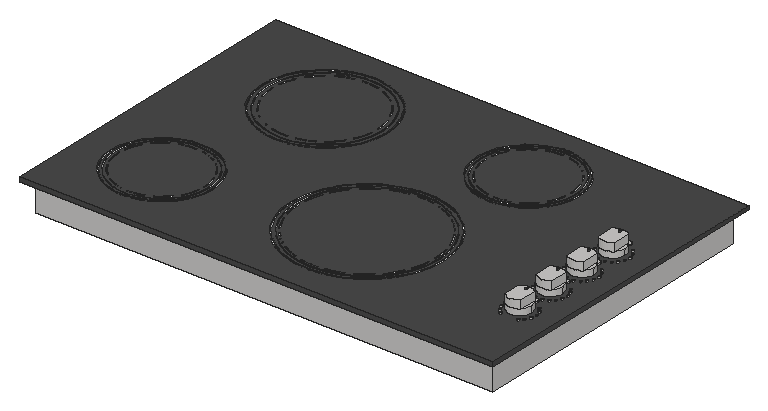
Revit family "QF_Summit_CR4B30MB_Electric Cooktop", category Specialty Equipment, Revit 2020 (continued)
Automatic sketch dimensions
  Extrusion 4 sketch curve to Extrusion 4 sketch curve = 0.3406"
  Extrusion 4 sketch curve to plane 11 = 2.26689"
  Extrusion 4 sketch curve to Extrusion 4 sketch curve = 0.02224"  (x2)
  Extrusion 4 sketch curve to plane 11 = 1.74025"
  Extrusion 4 sketch curve to plane 11 = 1.76931"
  Extrusion 4 sketch curve to plane 11 = 1.59483"
  Extrusion 4 sketch curve to Extrusion 4 sketch curve = 0.45016"
  Extrusion 4 sketch curve to plane 11 = 1.62523"
  Extrusion 4 sketch curve to Extrusion 4 sketch curve = 0.00724"
  Extrusion 4 sketch curve to plane 11 = 1.54398"
  Extrusion 4 sketch curve to plane 11 = 1.51282"
  Extrusion 4 sketch curve to plane 11 = 1.61592"
  Extrusion 4 sketch curve to Extrusion 4 sketch curve = 0.47751"
  Extrusion 4 sketch curve to plane 11 = 1.58543"
  Extrusion 4 sketch curve to Extrusion 4 sketch curve = 0.00686"
  Extrusion 4 sketch curve to plane 11 = 1.98322"
  Extrusion 4 sketch curve to plane 11 = 1.95615"
  Extrusion 4 sketch curve to plane 11 = 2.26002"
  Extrusion 4 sketch curve to Extrusion 4 sketch curve = 0.40762"
  Extrusion 4 sketch curve to plane 11 = 2.23777"
  Extrusion 4 sketch curve to plane 11 = 3.00883"
  Extrusion 4 sketch curve to plane 11 = 2.9913"
  Extrusion 4 sketch curve to plane 12 = 4.54303"
  Extrusion 4 sketch curve to plane 10 = 4.39214"
  Extrusion 4 sketch curve to Extrusion 4 sketch curve = 3 1/4"  (x2)
  Extrusion 4 sketch curve to Extrusion 4 sketch curve = 0.16832"  (x2)
  Extrusion 4 sketch curve to Extrusion 4 sketch curve = 0.62265"  (x2)
  Extrusion 4 sketch curve to Extrusion 4 sketch curve = 0.02693"  (x2)
  Extrusion 4 sketch curve to Extrusion 4 sketch curve = 0.28255"  (x2)
  Extrusion 4 sketch curve to Extrusion 4 sketch curve = 0.0308"  (x4)
  Extrusion 4 sketch curve to Extrusion 4 sketch curve = 1.40847"  (x2)
  Extrusion 4 sketch curve to Extrusion 4 sketch curve = 0.01586"  (x2)
  Extrusion 4 sketch curve to Extrusion 4 sketch curve = 0.41034"  (x2)
  Extrusion 4 sketch curve to Extrusion 4 sketch curve = 0.02935"  (x2)
  Extrusion 4 sketch curve to Extrusion 4 sketch curve = 0.24336"  (x2)
  Extrusion 4 sketch curve to Extrusion 4 sketch curve = 0.03564"  (x2)
  Extrusion 4 sketch curve to Extrusion 4 sketch curve = 0.97968"
  Extrusion 4 sketch curve to Extrusion 4 sketch curve = 0.01578"  (x2)
  Extrusion 4 sketch curve to Extrusion 4 sketch curve = 0.25346"
  Extrusion 4 sketch curve to Extrusion 4 sketch curve = 0.02404"
  Extrusion 4 sketch curve to Extrusion 4 sketch curve = 1.00376"
  Extrusion 4 sketch curve to Extrusion 4 sketch curve = 0.02698"
  Extrusion 4 sketch curve to Extrusion 4 sketch curve = 1.41554"
  Extrusion 4 sketch curve to Extrusion 4 sketch curve = 0.43746"  (x2)
  Extrusion 4 sketch curve to Extrusion 4 sketch curve = 0.01079"  (x2)
  Extrusion 4 sketch curve to Extrusion 4 sketch curve = 0.40649"
  Extrusion 4 sketch curve to plane 8 "Center X" = 2.83969"
  Extrusion 4 sketch curve to Extrusion 4 sketch curve = 1.3769"
  Extrusion 4 sketch curve to plane 8 "Center X" = 2.86663"
  Extrusion 4 sketch curve to Extrusion 4 sketch curve = 0.01584"  (x2)
  Extrusion 4 sketch curve to plane 8 "Center X" = 2.50235"
  Extrusion 4 sketch curve to plane 8 "Center X" = 2.53309"
  Extrusion 4 sketch curve to Extrusion 4 sketch curve = 1.02966"
  Extrusion 4 sketch curve to Extrusion 4 sketch curve = 0.02725"  (x2)
  Extrusion 4 sketch curve to plane 8 "Center X" = 3.09503"
  Extrusion 4 sketch curve to Extrusion 4 sketch curve = 0.37991"
  Extrusion 4 sketch curve to plane 8 "Center X" = 3.11723"
  Extrusion 4 sketch curve to Extrusion 4 sketch curve = 0.0222"  (x3)
  Extrusion 4 sketch curve to Extrusion 4 sketch curve = 0.21195"  (x2)
  Extrusion 4 sketch curve to plane 8 "Center X" = 4.30255"
  Extrusion 4 sketch curve to Extrusion 4 sketch curve = 0.22211"
  Extrusion 4 sketch curve to plane 8 "Center X" = 4.31302"
  Extrusion 4 sketch curve to Extrusion 4 sketch curve = 0.0089"
  Extrusion 4 sketch curve to plane 10 = 2.99021"
  Extrusion 4 sketch curve to Extrusion 4 sketch curve = 0.30898"
  Extrusion 4 sketch curve to plane 10 = 3.00599"
  Extrusion 4 sketch curve to Extrusion 4 sketch curve = 0.02697"  (x2)
  Extrusion 4 sketch curve to plane 10 = 2.60948"
  Extrusion 4 sketch curve to Extrusion 4 sketch curve = 0.24103"
  Extrusion 4 sketch curve to plane 10 = 2.63166"
  Extrusion 4 sketch curve to Extrusion 4 sketch curve = 0.02218"  (x5)
  Extrusion 4 sketch curve to plane 10 = 1.99054"
  Extrusion 4 sketch curve to plane 10 = 2.01757"
  Extrusion 4 sketch curve to plane 10 = 1.78935"
  Extrusion 4 sketch curve to Extrusion 4 sketch curve = 0.41133"
  Extrusion 4 sketch curve to plane 10 = 1.81865"
  Extrusion 4 sketch curve to Extrusion 4 sketch curve = 0.01087"  (x2)
  Extrusion 4 sketch curve to Extrusion 4 sketch curve = 0.94381"
  Extrusion 4 sketch curve to plane 10 = 1.67947"
  Extrusion 4 sketch curve to Extrusion 4 sketch curve = 0.42951"  (x2)
  Extrusion 4 sketch curve to plane 10 = 1.64859"
  Extrusion 4 sketch curve to Extrusion 4 sketch curve = 0.00477"  (x2)
  Extrusion 4 sketch curve to plane 10 = 2.03485"
  Extrusion 4 sketch curve to plane 10 = 2.00802"
  Extrusion 4 sketch curve to Extrusion 4 sketch curve = 0.33695"  (x2)
  Extrusion 4 sketch curve to Extrusion 4 sketch curve = 0.18281"  (x2)
  Extrusion 4 sketch curve to Extrusion 4 sketch curve = 0.02726"  (x2)
  Extrusion 4 sketch curve to Extrusion 4 sketch curve = 0.39788"  (x2)
  Extrusion 4 sketch curve to Extrusion 4 sketch curve = 0.01527"  (x2)
  plane 7 "Center Y" to Extrusion 4 sketch curve = 1.88358"
  Extrusion 4 sketch curve to plane 8 "Center X" = 3.73335"
  Extrusion 4 sketch curve to plane 7 "Center Y" = 2.99142"
  Extrusion 4 sketch curve to Extrusion 4 sketch curve = 0.20933"
  Extrusion 4 sketch curve to Extrusion 4 sketch curve = 0.47393"
  Extrusion 4 sketch curve to Extrusion 4 sketch curve = 0.02926"
  Extrusion 4 sketch curve to Extrusion 4 sketch curve = 0.22283"
  Extrusion 4 sketch curve to Extrusion 4 sketch curve = 0.03105"
  Extrusion 4 sketch curve to Extrusion 4 sketch curve = 1.54811"
  Extrusion 4 sketch curve to Extrusion 4 sketch curve = 0.01098"
  Extrusion 4 sketch curve to Extrusion 4 sketch curve = 0.32356"
  Extrusion 4 sketch curve to Extrusion 4 sketch curve = 0.03033"
  Extrusion 4 sketch curve to Extrusion 4 sketch curve = 0.19522"
  Extrusion 4 sketch curve to Extrusion 4 sketch curve = 0.02865"
  Extrusion 4 sketch curve to Extrusion 4 sketch curve = 0.61853"
  Extrusion 4 sketch curve to Extrusion 4 sketch curve = 0.02592"
  Extrusion 4 sketch curve to Extrusion 4 sketch curve = 0.13097"
  Extrusion 4 sketch curve to Extrusion 4 sketch curve = 0.0294"
  Extrusion 4 sketch curve to Extrusion 4 sketch curve = 0.4319"
  Extrusion 4 sketch curve to Extrusion 4 sketch curve = 0.0106"
  Extrusion 4 sketch curve to plane 7 "Center Y" = 0.67283"
  Extrusion 4 sketch curve to Extrusion 4 sketch curve = 0.01825"
  Extrusion 4 sketch curve to Extrusion 4 sketch curve = 0.28259"
  Extrusion 4 sketch curve to Extrusion 4 sketch curve = 0.37444"
  plane 7 "Center Y" to Extrusion 4 sketch curve = 0.68355"
  Extrusion 4 sketch curve to Extrusion 4 sketch curve = 0.00857"
  Extrusion 4 sketch curve to plane 7 "Center Y" = 0.28446"
  Extrusion 4 sketch curve to Extrusion 4 sketch curve = 0.01548"
  Extrusion 4 sketch curve to Extrusion 4 sketch curve = 0.24948"
  Extrusion 4 sketch curve to Extrusion 4 sketch curve = 0.02715"
  Extrusion 4 sketch curve to Extrusion 4 sketch curve = 1.51894"
  Extrusion 4 sketch curve to Extrusion 4 sketch curve = 0.43933"
  Extrusion 4 sketch curve to Extrusion 4 sketch curve = 0.00543"
  Extrusion 4 sketch curve to Extrusion 4 sketch curve = 0.10111"
  Extrusion 4 sketch curve to Extrusion 4 sketch curve = 0.03077"
  Extrusion 4 sketch curve to Extrusion 4 sketch curve = 1.46284"
  Extrusion 4 sketch curve to Extrusion 4 sketch curve = 0.01263"
  Extrusion 4 sketch curve to Extrusion 4 sketch curve = 0.44785"
  Extrusion 4 sketch curve to Extrusion 4 sketch curve = 0.00544"
  Extrusion 4 sketch curve to Extrusion 4 sketch curve = 0.36185"
  Extrusion 4 sketch curve to Extrusion 4 sketch curve = 0.02858"
  Extrusion 4 sketch curve to Extrusion 4 sketch curve = 1.26749"
  Extrusion 4 sketch curve to Extrusion 4 sketch curve = 0.0221"  (x2)
  Extrusion 4 sketch curve to Extrusion 4 sketch curve = 0.42571"
  Extrusion 4 sketch curve to Extrusion 4 sketch curve = 0.01556"
  Extrusion 4 sketch curve to Extrusion 4 sketch curve = 0.83014"
  Extrusion 4 sketch curve to Extrusion 4 sketch curve = 0.93886"
  Extrusion 4 sketch curve to Extrusion 4 sketch curve = 0.02803"
  Extrusion 4 sketch curve to plane 10 = 3.03767"
  Extrusion 4 sketch curve to Extrusion 4 sketch curve = 0.32279"
  Extrusion 4 sketch curve to plane 10 = 3.05984"
  Extrusion 4 sketch curve to Extrusion 4 sketch curve = 0.02217"
  Extrusion 4 sketch curve to Extrusion 4 sketch curve = 0.19363"
  Extrusion 4 sketch curve to Extrusion 4 sketch curve = 0.03104"
  Extrusion 4 sketch curve to plane 10 = 4.36841"
  Extrusion 4 sketch curve to Extrusion 4 sketch curve = 0.21114"
  Extrusion 4 sketch curve to plane 10 = 4.37921"
  Extrusion 4 sketch curve to Extrusion 4 sketch curve = 0.02932"
  Extrusion 4 sketch curve to Extrusion 4 sketch curve = 0.1639"
  Extrusion 4 sketch curve to plane 8 "Center X" = 2.72216"
  Extrusion 4 sketch curve to Extrusion 4 sketch curve = 0.08627"
  Extrusion 4 sketch curve to plane 8 "Center X" = 2.72933"
  Extrusion 4 sketch curve to plane 8 "Center X" = 2.24894"
  Extrusion 4 sketch curve to Extrusion 4 sketch curve = 0.10949"
  Extrusion 4 sketch curve to plane 8 "Center X" = 2.25946"
  Extrusion 4 sketch curve to Extrusion 4 sketch curve = 0.02942"
  Extrusion 4 sketch curve to plane 8 "Center X" = 1.28747"
  Extrusion 4 sketch curve to plane 8 "Center X" = 1.30481"
  Extrusion 4 sketch curve to plane 8 "Center X" = 0.92017"
  Extrusion 4 sketch curve to Extrusion 4 sketch curve = 0.24757"
  Extrusion 4 sketch curve to plane 8 "Center X" = 0.94012"
  Extrusion 4 sketch curve to Extrusion 4 sketch curve = 0.02406"
  Extrusion 4 sketch curve to plane 8 "Center X" = 0.16273"
  Extrusion 4 sketch curve to plane 8 "Center X" = 0.18511"
  plane 8 "Center X" to Extrusion 4 sketch curve = 0.06159"
  Extrusion 4 sketch curve to Extrusion 4 sketch curve = 0.31987"
  plane 8 "Center X" to Extrusion 4 sketch curve = 0.03468"
  Extrusion 4 sketch curve to Extrusion 4 sketch curve = 0.0159"
  plane 8 "Center X" to Extrusion 4 sketch curve = 0.49593"
  plane 8 "Center X" to Extrusion 4 sketch curve = 0.46595"
  plane 8 "Center X" to Extrusion 4 sketch curve = 0.60379"
  Extrusion 4 sketch curve to Extrusion 4 sketch curve = 0.44632"
  plane 8 "Center X" to Extrusion 4 sketch curve = 0.57304"
  Extrusion 4 sketch curve to Extrusion 4 sketch curve = 0.00558"
  plane 8 "Center X" to Extrusion 4 sketch curve = 0.63504"
  plane 8 "Center X" to Extrusion 4 sketch curve = 0.66623"
  Extrusion 4 sketch curve to Extrusion 4 sketch curve = 0.4638"
  Extrusion 4 sketch curve to Extrusion 4 sketch curve = 0.00525"
  plane 7 "Center Y" to Extrusion 4 sketch curve = 0.13255"
  Extrusion 4 sketch curve to Extrusion 4 sketch curve = 0.0125"
  Extrusion 4 sketch curve to Extrusion 4 sketch curve = 0.02291"
  Extrusion 4 sketch curve to Extrusion 4 sketch curve = 0.03081"
  plane 8 "Center X" to Extrusion 4 sketch curve = 0.05864"
  Extrusion 4 sketch curve to plane 7 "Center Y" = 0.30208"
  plane 8 "Center X" to Extrusion 4 sketch curve = 0.08571"
  Extrusion 4 sketch curve to Extrusion 4 sketch curve = 1/64"
  Extrusion 4 sketch curve to plane 8 "Center X" = 0.55957"
  Extrusion 4 sketch curve to plane 8 "Center X" = 0.53747"
  Extrusion 4 sketch curve to Extrusion 4 sketch curve = 0.3285"
  Extrusion 4 sketch curve to Extrusion 4 sketch curve = 0.02386"
  Extrusion 4 sketch curve to Extrusion 4 sketch curve = 0.17561"
  Extrusion 4 sketch curve to Extrusion 4 sketch curve = 0.02801"
  Extrusion 4 sketch curve to Extrusion 4 sketch curve = 0.34996"
  Extrusion 4 sketch curve to Extrusion 4 sketch curve = 0.02018"
  plane 7 "Center Y" to Extrusion 4 sketch curve = 4.66436"
  Extrusion 4 sketch curve to plane 11 = 3.9178"
  Extrusion 4 sketch curve to Extrusion 4 sketch curve = 0.83452"
  Extrusion 4 sketch curve to Extrusion 4 sketch curve = 1.32427"
  Extrusion 4 sketch curve to Extrusion 4 sketch curve = 0.01601"
  Extrusion 4 sketch curve to Extrusion 4 sketch curve = 0.23699"
  Extrusion 4 sketch curve to Extrusion 4 sketch curve = 0.02684"
  Extrusion 4 sketch curve to Extrusion 4 sketch curve = 1.38419"
  Extrusion 4 sketch curve to Extrusion 4 sketch curve = 0.13918"
  Extrusion 4 sketch curve to Extrusion 4 sketch curve = 0.0293"
  Extrusion 4 sketch curve to Extrusion 4 sketch curve = 1.17352"
  Extrusion 4 sketch curve to Extrusion 4 sketch curve = 0.43787"
  Extrusion 4 sketch curve to Extrusion 4 sketch curve = 0.01567"
  Extrusion 4 sketch curve to Extrusion 4 sketch curve = 0.81301"
  Extrusion 4 sketch curve to Extrusion 4 sketch curve = 0.2521"
  plane 8 "Center X" to Extrusion 4 sketch curve = 4.30527"
  Extrusion 4 sketch curve to Extrusion 4 sketch curve = 0.29019"
  plane 8 "Center X" to Extrusion 4 sketch curve = 4.32105"
  Extrusion 4 sketch curve to plane 11 = 2.98749"
  Extrusion 4 sketch curve to Extrusion 4 sketch curve = 0.1292"
  Extrusion 4 sketch curve to plane 11 = 2.99796"
  Extrusion 4 sketch curve to plane 11 = 2.55881"
  Extrusion 4 sketch curve to Extrusion 4 sketch curve = 0.16542"
  Extrusion 4 sketch curve to plane 11 = 2.57411"
  Extrusion 4 sketch curve to plane 11 = 1.77997"
  Extrusion 4 sketch curve to plane 11 = 1.80217"
  Extrusion 4 sketch curve to plane 11 = 1.52463"
  Extrusion 4 sketch curve to Extrusion 4 sketch curve = 0.34188"
  Extrusion 4 sketch curve to plane 11 = 1.55157"
  Extrusion 4 sketch curve to plane 11 = 1.18729"
  Extrusion 4 sketch curve to plane 11 = 1.21803"
  Extrusion 4 sketch curve to Extrusion 4 sketch curve = 0.46522"
  Extrusion 4 sketch curve to plane 11 = 1.34196"
  Extrusion 4 sketch curve to Extrusion 4 sketch curve = 0.97809"
  Extrusion 4 sketch curve to plane 11 = 1.31263"
  Extrusion 4 sketch curve to plane 11 = 1.5484"
  Extrusion 4 sketch curve to plane 11 = 1.52142"
  Extrusion 4 sketch curve to plane 11 = 2.16447"
  Extrusion 4 sketch curve to plane 11 = 2 37/256"
  Extrusion 11 sketch curve to Extrusion 3 = 0.51977"  (x4)
  Extrusion 11 sketch curve to Extrusion 11 sketch curve = 2 1/2"  (x3)
  Extrusion 6 sketch curve to plane 11 = 0.36025"
  Extrusion 6 sketch curve to plane 13 = 1.74986"
  curve 5 to curve 7 = 0"  (x2)
  curve 5 to curve 9 = 0"
  curve 5 to curve 11 = 0"
  curve 5 to curve 13 = 0"
  curve 5 to curve 15 = 0"
  curve 5 to curve 17 = 0"
  curve 5 to curve 19 = 0"
  curve 5 to curve 21 = 0"
  curve 5 to curve 23 = 0"
  curve 5 to curve 25 = 0"
  curve 5 to curve 27 = 0"
  curve 5 to curve 29 = 0"
  curve 5 to curve 31 = 0"
  curve 5 to curve 33 = 0"
  curve 5 to curve 35 = 0"
  curve 5 to curve 37 = 0"
  curve 5 to curve 39 = 0"
  curve 5 to curve 41 = 0"
  curve 5 to curve 43 = 0"
  curve 5 to curve 45 = 0"
  curve 5 to curve 47 = 0"
  curve 5 to curve 49 = 0"
  curve 5 to curve 51 = 0"
  curve 5 to curve 53 = 0"
  curve 5 to curve 55 = 0"
  curve 5 to curve 57 = 0"
  curve 5 to curve 59 = 0"
  curve 5 to curve 61 = 0"
  curve 5 to curve 63 = 0"
  curve 5 to curve 65 = 0"
  curve 5 to curve 67 = 0"
  curve 8 to curve 59 = 0"
  curve 9 to curve 11 = 0"
  curve 9 to curve 13 = 0"
  curve 9 to curve 17 = 0"
  curve 9 to curve 19 = 0"
  curve 9 to curve 21 = 0"
  curve 9 to curve 23 = 0"
  curve 9 to curve 25 = 0"
  curve 9 to curve 27 = 0"
  curve 9 to curve 29 = 0"
  curve 9 to curve 31 = 0"
  curve 9 to curve 33 = 0"
  curve 9 to curve 35 = 0"
  curve 9 to curve 37 = 0"
  curve 9 to curve 39 = 0"
  curve 9 to curve 41 = 0"
  curve 9 to curve 43 = 0"
  curve 9 to curve 45 = 0"
  curve 9 to curve 49 = 0"
  curve 9 to curve 51 = 0"
  curve 9 to curve 53 = 0"
  curve 9 to curve 55 = 0"
  curve 9 to curve 57 = 0"
  curve 9 to curve 59 = 0"
  curve 9 to curve 61 = 0"
  curve 9 to curve 63 = 0"
  curve 9 to curve 65 = 0"
  curve 9 to curve 67 = 0"
  curve 69 to curve 71 = 0"  (x2)
  curve 69 to curve 73 = 0"  (x2)
  curve 69 to curve 75 = 0"  (x2)
  curve 69 to curve 77 = 0"  (x2)
  curve 69 to curve 79 = 0"  (x2)
  curve 69 to curve 81 = 0"  (x2)
  curve 69 to curve 83 = 0"  (x2)
  curve 69 to curve 85 = 0"  (x2)
  curve 69 to curve 87 = 0"  (x2)
  curve 69 to curve 89 = 0"  (x2)
  curve 69 to curve 91 = 0"  (x2)
  curve 69 to curve 93 = 0"  (x2)
  curve 69 to curve 95 = 0"  (x2)
  curve 69 to curve 97 = 0"  (x2)
  curve 69 to curve 99 = 0"  (x2)
  curve 69 to curve 101 = 0"  (x2)
  curve 69 to curve 103 = 0"  (x2)
  curve 69 to curve 105 = 0"  (x2)
  curve 69 to curve 107 = 0"  (x2)
  curve 69 to curve 109 = 0"  (x2)
  curve 69 to curve 111 = 0"  (x2)
  curve 69 to curve 113 = 0"  (x2)
  curve 69 to curve 115 = 0"  (x2)
  curve 69 to curve 117 = 0"  (x2)
  curve 69 to curve 119 = 0"  (x2)
  curve 69 to curve 121 = 0"  (x2)
  curve 69 to curve 123 = 0"  (x2)
  curve 125 to curve 126 = 0"  (x2)
  curve 125 to curve 129 = 0"  (x2)
  curve 125 to curve 131 = 0"  (x2)
  curve 125 to curve 133 = 0"  (x2)
  curve 125 to curve 135 = 0"  (x2)
  curve 125 to curve 137 = 0"  (x2)
  curve 125 to curve 139 = 0"  (x2)
  curve 125 to curve 141 = 0"  (x2)
  curve 125 to curve 143 = 0"  (x2)
  curve 125 to curve 145 = 0"  (x2)
  curve 125 to curve 147 = 0"  (x2)
  curve 125 to curve 149 = 0"  (x2)
  curve 125 to curve 151 = 0"  (x2)
  curve 125 to curve 153 = 0"  (x2)
  curve 125 to curve 155 = 0"  (x2)
  curve 125 to curve 157 = 0"  (x2)
  curve 125 to curve 159 = 0"  (x2)
  curve 125 to curve 161 = 0"  (x2)
  curve 125 to curve 163 = 0"  (x2)
  curve 125 to curve 165 = 0"  (x2)
  curve 125 to curve 167 = 0"  (x2)
  curve 125 to curve 169 = 0"  (x2)
  curve 125 to curve 171 = 0"  (x2)
  curve 125 to curve 173 = 0"  (x2)
  curve 125 to curve 175 = 0"  (x2)
  curve 125 to curve 177 = 0"  (x2)
  curve 125 to curve 179 = 0"  (x2)
  curve 181 to curve 183 = 0"  (x2)
  curve 181 to curve 185 = 0"
  curve 181 to curve 187 = 0"
  curve 181 to curve 189 = 0"
  curve 181 to curve 191 = 0"
  curve 181 to curve 193 = 0"
  curve 181 to curve 195 = 0"
  curve 181 to curve 197 = 0"
  curve 181 to curve 199 = 0"
  curve 181 to curve 201 = 0"
  curve 181 to curve 203 = 0"
  curve 181 to curve 205 = 0"
  curve 181 to curve 207 = 0"
  curve 181 to curve 209 = 0"
  curve 181 to curve 211 = 0"
  curve 181 to curve 213 = 0"
  curve 181 to curve 215 = 0"
  curve 181 to curve 217 = 0"
  curve 181 to curve 219 = 0"
  curve 181 to curve 221 = 0"
  curve 181 to curve 223 = 0"
  curve 181 to curve 225 = 0"
  curve 181 to curve 227 = 0"
  curve 181 to curve 229 = 0"
  curve 181 to curve 231 = 0"
  curve 181 to curve 233 = 0"
  curve 181 to curve 235 = 0"
  curve 181 to curve 237 = 0"
  curve 181 to curve 239 = 0"
  curve 181 to curve 241 = 0"
  curve 181 to curve 243 = 0"
  curve 181 to curve 245 = 0"
  curve 181 to curve 247 = 0"
  curve 181 to curve 249 = 0"
  curve 184 to curve 257 = 0"
  curve 185 to curve 187 = 0"
  curve 185 to curve 189 = 0"
  curve 185 to curve 191 = 0"
  curve 185 to curve 193 = 0"
  curve 185 to curve 195 = 0"
  curve 185 to curve 197 = 0"
  curve 185 to curve 199 = 0"
  curve 185 to curve 201 = 0"
  curve 185 to curve 203 = 0"
  curve 185 to curve 205 = 0"
  curve 185 to curve 207 = 0"
  curve 185 to curve 209 = 0"
  curve 185 to curve 211 = 0"
  curve 185 to curve 213 = 0"
  curve 185 to curve 215 = 0"
  curve 185 to curve 217 = 0"
  curve 185 to curve 219 = 0"
  curve 185 to curve 221 = 0"
  curve 185 to curve 223 = 0"
  curve 185 to curve 225 = 0"
  curve 185 to curve 227 = 0"
  curve 185 to curve 229 = 0"
  curve 185 to curve 231 = 0"
  curve 185 to curve 233 = 0"
  curve 185 to curve 235 = 0"
  curve 235 to curve 259 = 0"
  curve 237 to curve 259 = 0"
  curve 239 to curve 259 = 0"
  curve 241 to curve 259 = 0"
  curve 243 to curve 259 = 0"
  curve 245 to curve 259 = 0"
  curve 247 to curve 259 = 0"
  curve 249 to curve 259 = 0"  (x2)
  curve 251 to curve 259 = 0"  (x2)
  curve 253 to curve 259 = 0"  (x2)
  curve 255 to curve 259 = 0"  (x2)
  curve 257 to curve 259 = 0"  (x2)
  curve 289 to curve 291 = 0"
  curve 1 to plane 3 "LEFT" = 0"
  curve 3 to plane 4 "RIGHT" = 0"
  plane 5 "FRONT" to curve 1 = 0"
  plane 1 "BACK" to curve 2 = 0"
  curve 174 to plane 12 = 1.7672"
  curve 175 to curve 174 = 1/32"
  curve 174 to curve 180 = 0.00839"
  curve 179 to curve 180 = 0.0308"
  curve 173 to curve 176 = 0.13763"
  curve 176 to curve 176 = 0.02935"
  curve 173 to curve 172 = 0.15555"
  curve 169 to curve 172 = 0.02726"
  curve 177 to curve 178 = 0.31317"
  curve 179 to curve 178 = 0.02693"
  curve 177 to curve 136 = 0.22941"
  curve 135 to curve 136 = 0.02404"
  curve 170 to plane 10 = 2.24964"
  curve 171 to curve 170 = 0.62951"
  curve 170 to curve 170 = 0.0222"  (x2)
  curve 171 to curve 168 = 0.32095"
  curve 165 to curve 168 = 0.01601"
  curve 136 to curve 134 = 0.71045"
  curve 135 to curve 134 = 0.01578"
  curve 133 to curve 140 = 0.42666"
  curve 139 to curve 140 = 0.01079"
  curve 48 to plane 12 = 3.64201"
  curve 48 to curve 48 = 1/32"
  curve 48 to curve 50 = 0.01086"
  curve 50 to curve 50 = 0.03086"
  curve 47 to curve 46 = 0.11278"
  curve 45 to curve 46 = 0.02992"
  curve 47 to curve 44 = 0.1553"
  curve 52 to plane 11 = 3.41557"
  curve 50 to curve 52 = 0.26611"
  curve 41 to curve 44 = 0.02822"
  curve 52 to plane 11 = 3.42919"
  curve 49 to curve 52 = 0.02813"
  curve 166 to plane 10 = 1.64859"
  curve 167 to curve 166 = 0.98255"
  curve 166 to plane 10 = 1.67947"
  curve 165 to curve 166 = 0.00477"
  curve 52 to curve 54 = 0.21666"
  curve 53 to curve 54 = 0.02587"
  plane 8 "Center X" to curve 42 = 2.44094"
  curve 43 to curve 42 = 0.53294"
  curve 171 to curve 139 = 1.74307"
  curve 167 to curve 164 = 0.42951"
  plane 8 "Center X" to curve 42 = 2.46306"
  curve 41 to curve 42 = 0.02212"
  curve 140 to curve 138 = 0.97809"
  curve 41 to curve 40 = 0.36412"
  curve 37 to curve 40 = 0.02222"
  curve 56 to plane 11 = 2.23777"
  curve 54 to curve 56 = 0.67288"
  curve 56 to plane 11 = 2.26002"
  curve 53 to curve 56 = 0.02224"
  curve 144 to plane 8 "Center X" = 2.53309"
  curve 138 to curve 144 = 0.46522"
  curve 144 to plane 8 "Center X" = 2.50235"
  curve 144 to curve 144 = 0.00564"
  curve 58 to plane 11 = 1.95615"
  curve 56 to curve 58 = 0.39201"
  curve 58 to plane 11 = 1.98322"
  curve 57 to curve 58 = 1/64"
  curve 162 to plane 10 = 1.81865"
  curve 163 to curve 162 = 0.94381"
  curve 162 to plane 10 = 1.78935"
  curve 163 to curve 162 = 0.01087"
  plane 8 "Center X" to curve 38 = 1.57348"
  curve 39 to curve 38 = 0.87861"
  plane 8 "Center X" to curve 38 = 1.60258"
  curve 38 to curve 38 = 0.01139"
  curve 160 to plane 10 = 2.01757"
  curve 163 to curve 160 = 0.4222"
  curve 142 to plane 8 "Center X" = 2.86663"
  curve 144 to curve 142 = 0.89585"
  curve 160 to plane 10 = 1.99054"
  curve 160 to curve 160 = 0.01567"
  curve 142 to plane 8 "Center X" = 2.83969"
  plane 8 "Center X" to curve 36 = 1.42501"
  curve 39 to curve 36 = 0.47118"
  plane 8 "Center X" to curve 36 = 1.45548"
  curve 33 to curve 36 = 0.00694"
  curve 60 to plane 11 = 1.58543"
  curve 58 to curve 60 = 0.93371"
  curve 148 to plane 8 "Center X" = 3.11723"
  curve 142 to curve 148 = 0.35772"
  curve 60 to plane 11 = 1.61592"
  curve 148 to plane 8 "Center X" = 3.09503"
  curve 148 to curve 148 = 0.0222"
  curve 158 to plane 10 = 2.63166"
  curve 158 to plane 10 = 2.60948"
  curve 62 to plane 11 = 1.51282"
  curve 59 to curve 62 = 0.47508"
  curve 62 to plane 11 = 1.54398"
  curve 61 to curve 62 = 0.00242"
  curve 156 to plane 10 = 3.00599"
  curve 159 to curve 156 = 0.26321"
  curve 146 to plane 8 "Center X" = 3.88918"
  curve 156 to plane 10 = 2.99021"
  curve 155 to curve 156 = 0.02697"
  curve 146 to plane 8 "Center X" = 3.87388"
  curve 38 to curve 51 = 1.22429"
  curve 145 to curve 150 = 0.19267"
  curve 151 to curve 150 = 0.02944"
  curve 154 to plane 10 = 3.92657"
  curve 154 to plane 10 = 3.92127"
  curve 155 to curve 152 = 0.0397"
  curve 151 to curve 152 = 1/32"
  plane 8 "Center X" to curve 34 = 1.38451"
  plane 8 "Center X" to curve 34 = 1.35338"
  plane 8 "Center X" to curve 32 = 1.45767"
  curve 35 to curve 32 = 0.46116"
  plane 8 "Center X" to curve 32 = 1.42722"
  curve 31 to curve 32 = 0.00703"
  curve 64 to plane 11 = 1.62523"
  curve 64 to plane 11 = 1.59483"
  curve 66 to plane 11 = 1.76931"
  curve 63 to curve 66 = 0.4574"
  curve 66 to plane 11 = 1.74025"
  curve 67 to curve 66 = 0.01149"
  plane 8 "Center X" to curve 30 = 1.84659"
  plane 8 "Center X" to curve 30 = 1.81976"
  curve 68 to plane 11 = 2.26689"
  plane 8 "Center X" to curve 28 = 2.11342"
  curve 31 to curve 28 = 0.38355"
  curve 68 to plane 11 = 2.24465"
  plane 8 "Center X" to curve 28 = 2.08907"
  curve 27 to curve 28 = 0.01959"
  curve 65 to curve 18 = 0.3406"
  curve 19 to curve 18 = 0.02211"
  plane 8 "Center X" to curve 26 = 2.86285"
  plane 8 "Center X" to curve 26 = 2.84547"
  curve 27 to curve 24 = 0.23176"
  curve 19 to curve 20 = 0.57939"
  curve 23 to curve 24 = 0.02813"
  curve 19 to curve 20 = 0.02825"
  curve 19 to curve 14 = 0.16601"
  curve 15 to curve 14 = 0.02979"
  curve 23 to curve 22 = 0.30381"
  curve 23 to curve 22 = 0.03095"
  curve 23 to curve 16 = 0.03194"
  curve 15 to curve 16 = 1/32"
  curve 260 to plane 7 "Center Y" = 2.52437"
  curve 257 to curve 192 = 0.02781"
  curve 260 to curve 260 = 1/32"
  curve 192 to curve 192 = 0.03105"
  curve 259 to curve 258 = 0.09801"
  curve 258 to curve 258 = 0.03033"
  curve 259 to curve 256 = 13/128"
  curve 192 to curve 190 = 0.22183"
  curve 256 to curve 256 = 0.0294"
  curve 190 to curve 190 = 0.02926"
  curve 190 to curve 196 = 0.1476"
  curve 196 to curve 196 = 0.02801"
  curve 255 to curve 254 = 0.46165"
  curve 254 to curve 254 = 0.02592"
  curve 255 to curve 252 = 0.26041"
  curve 194 to plane 8 "Center X" = 0.88742"
  curve 196 to curve 194 = 0.55615"
  curve 249 to curve 252 = 0.02218"
  curve 194 to plane 8 "Center X" = 0.9076"
  curve 195 to curve 194 = 0.02386"
  curve 200 to plane 8 "Center X" = 0.53747"
  curve 193 to curve 200 = 0.30639"
  curve 200 to plane 8 "Center X" = 0.55957"
  curve 200 to curve 200 = 0.0221"
  curve 250 to plane 7 "Center Y" = 0.69109"
  curve 250 to curve 250 = 0.01825"
  plane 8 "Center X" to curve 198 = 0.08571"
  curve 198 to plane 7 "Center Y" = 0.31769"
  plane 8 "Center X" to curve 198 = 0.05864"
  curve 248 to plane 7 "Center Y" = 0.29994"
  curve 245 to curve 248 = 0.01548"
  plane 7 "Center Y" to curve 204 = 0.12004"
  curve 203 to curve 204 = 0.0125"
  plane 7 "Center Y" to curve 246 = 0.67498"
  curve 246 to curve 246 = 0.00857"
  curve 247 to curve 244 = 0.4339"
  curve 244 to curve 244 = 0.00543"
  plane 8 "Center X" to curve 202 = 0.61213"
  curve 204 to curve 202 = 1.01102"
  plane 8 "Center X" to curve 202 = 0.58132"
  curve 203 to curve 202 = 0.00525"
  plane 8 "Center X" to curve 208 = 0.66623"
  curve 202 to curve 208 = 0.46186"
  plane 8 "Center X" to curve 208 = 0.63504"
  curve 207 to curve 208 = 0.00193"
  plane 7 "Center Y" to curve 225 = 1.88358"
  plane 7 "Center Y" to curve 84 = 1.88854"
  curve 81 to curve 84 = 1/32"
  curve 84 to curve 78 = 0.00839"
  curve 77 to curve 78 = 0.0308"
  curve 83 to curve 82 = 0.13763"
  curve 82 to curve 82 = 0.02935"
  curve 243 to curve 242 = 1.07961"
  curve 83 to curve 88 = 0.15555"
  curve 85 to curve 88 = 0.02726"
  curve 78 to curve 80 = 0.31317"
  curve 77 to curve 80 = 0.02693"
  curve 80 to curve 124 = 0.22941"
  curve 123 to curve 124 = 0.02404"
  curve 243 to curve 240 = 0.44241"
  curve 239 to curve 240 = 0.00544"
  plane 8 "Center X" to curve 206 = 0.57304"
  plane 8 "Center X" to curve 206 = 0.60379"
  curve 87 to curve 86 = 0.62951"
  curve 86 to curve 86 = 0.0222"  (x2)
  plane 8 "Center X" to curve 212 = 0.46595"
  curve 206 to curve 212 = 0.4519"
  plane 8 "Center X" to curve 212 = 0.49593"
  curve 212 to curve 212 = 0.00881"
  curve 87 to curve 92 = 0.32095"
  curve 89 to curve 92 = 0.01601"
  curve 122 to plane 11 = 1.52142"
  curve 124 to curve 122 = 0.71045"
  curve 122 to plane 11 = 1.5484"
  curve 123 to curve 122 = 0.01578"
  curve 239 to curve 238 = 1 1/128"
  curve 239 to curve 238 = 0.01263"
  curve 120 to plane 11 = 1.31263"
  curve 122 to curve 120 = 0.42666"
  curve 120 to plane 11 = 1.34196"
  curve 119 to curve 120 = 0.01079"
  curve 239 to curve 236 = 105/256"
  curve 236 to curve 236 = 0.01556"
  plane 8 "Center X" to curve 210 = 0.03468"
  plane 8 "Center X" to curve 210 = 0.06159"
  curve 91 to curve 90 = 0.98255"
  curve 89 to curve 90 = 0.00477"
  curve 216 to plane 8 "Center X" = 0.18511"
  curve 209 to curve 216 = 0.33577"
  curve 216 to plane 8 "Center X" = 0.16273"
  curve 213 to curve 216 = 0.02238"
  curve 92 to curve 123 = 1.40611"
  curve 91 to curve 96 = 0.42951"
  curve 120 to curve 118 = 0.97809"
  curve 235 to curve 234 = 0.83524"
  curve 234 to curve 234 = 0.0221"
  curve 114 to plane 11 = 1.21803"
  curve 118 to curve 114 = 0.46522"
  curve 114 to plane 11 = 1.18729"
  curve 114 to curve 114 = 0.00564"
  curve 235 to curve 232 = 0.32273"
  curve 232 to curve 232 = 0.02217"
  curve 214 to plane 8 "Center X" = 0.94012"
  curve 214 to plane 8 "Center X" = 0.92017"
  curve 220 to plane 8 "Center X" = 1.30481"
  curve 214 to curve 220 = 0.27163"
  curve 220 to plane 8 "Center X" = 1.28747"
  curve 217 to curve 220 = 0.026"
  plane 8 "Center X" to curve 94 = 3.13372"
  curve 95 to curve 94 = 0.94381"
  curve 95 to curve 94 = 0.01087"
  curve 231 to curve 230 = 0.58811"
  curve 230 to curve 230 = 0.02803"
  curve 231 to curve 226 = 0.18182"
  curve 218 to plane 8 "Center X" = 2.25946"
  curve 226 to curve 226 = 0.02932"
  curve 218 to plane 8 "Center X" = 2.24894"
  plane 8 "Center X" to curve 100 = 3.33263"
  curve 95 to curve 100 = 0.4222"
  curve 116 to plane 11 = 1.55157"
  curve 114 to curve 116 = 0.89585"
  curve 99 to curve 100 = 0.01567"
  curve 116 to plane 11 = 1.52463"
  curve 224 to plane 8 "Center X" = 2.72933"
  curve 218 to curve 224 = 0.13892"
  curve 224 to plane 8 "Center X" = 2.72216"
  curve 224 to curve 224 = 0.03042"
  curve 228 to plane 8 "Center X" = 4.24106"
  curve 225 to curve 228 = 0.24008"
  curve 225 to curve 222 = 0.02952"
  curve 228 to plane 8 "Center X" = 4.24469"
  curve 228 to curve 228 = 0.03104"
  curve 110 to plane 11 = 1.80217"
  curve 115 to curve 110 = 0.35772"
  curve 110 to plane 11 = 1.77997"
  curve 110 to curve 110 = 0.0222"
  plane 8 "Center X" to curve 98 = 3.94672"
  curve 99 to curve 98 = 0.02218"
  curve 99 to curve 104 = 0.26321"
  curve 112 to plane 11 = 2.57411"
  curve 103 to curve 104 = 0.02697"
  curve 112 to plane 11 = 2.55881"
  curve 106 to plane 11 = 2.99796"
  curve 111 to curve 106 = 0.19267"
  curve 106 to plane 11 = 2.98749"
  curve 107 to curve 106 = 0.02944"
  curve 102 to plane 11 = 4.38337"
  curve 103 to curve 102 = 43/128"
  curve 102 to plane 11 = 4.38867"
  curve 103 to curve 102 = 0.0308"
  curve 103 to curve 108 = 0.0397"
  curve 338 to plane 13 = 2.76507"
  curve 371 to curve 337 = 0"
  curve 266 to plane 13 = 2.76507"
  curve 304 to plane 8 "Center X" = 0.147"
  curve 304 to curve 265 = 0"
  curve 303 to curve 306 = 0.05938"
  curve 265 to curve 268 = 0.05938"
  curve 337 to curve 339 = 0.05938"
  curve 371 to curve 373 = 0.05938"
  curve 265 to curve 264 = 0.13105"
  curve 371 to curve 369 = 0.13105"
  curve 337 to curve 336 = 0.13105"
  curve 303 to curve 302 = 0.13105"
  curve 339 to curve 342 = 0.16469"
  curve 373 to curve 375 = 0.16469"
  curve 305 to curve 308 = 0.16469"
  curve 267 to curve 269 = 0.16469"
  curve 335 to curve 333 = 0.20819"
  curve 369 to curve 367 = 0.20819"
  curve 301 to curve 299 = 0.20819"
  curve 263 to curve 262 = 0.20819"
  curve 341 to curve 343 = 0.22031"
  curve 307 to curve 310 = 0.22031"
  curve 269 to curve 271 = 0.22031"
  curve 375 to curve 378 = 0.22031"
  curve 269 to curve 290 = 0.27137"
  curve 309 to curve 311 = 0.33903"
  curve 343 to curve 346 = 0.33903"
  curve 271 to curve 274 = 0.33903"
  curve 339 to curve 363 = 0.95584"
  curve 290 to curve 291 = 0.51977"
  curve 362 to curve 363 = 0"
  plane 8 "Center X" to curve 327 = 0.29941"
  curve 299 to curve 327 = 0.67597"
  curve 273 to curve 298 = 0.2318"
  curve 367 to curve 391 = 0.67597"
  curve 393 to curve 391 = 0"
  curve 329 to curve 327 = 0"
  curve 261 to curve 296 = 0.67597"
  curve 290 to curve 294 = 0.51977"
  curve 345 to curve 348 = 0.4636"
  curve 297 to curve 276 = 0.2318"
  curve 311 to curve 313 = 0.4636"
  curve 275 to curve 292 = 0.28797"
  curve 313 to curve 315 = 0.33903"
  curve 292 to curve 277 = 0.05106"
  curve 347 to curve 350 = 0.33903"
  curve 391 to curve 390 = 0.67597"
  curve 327 to curve 326 = 0.67597"
  curve 361 to curve 359 = 0.67597"
  curve 292 to curve 287 = 0.1562"
  curve 349 to curve 351 = 0.22031"
  curve 379 to curve 382 = 0.22031"  (x2)
  curve 315 to curve 318 = 0.22031"  (x2)
  curve 292 to curve 280 = 0.27137"
  curve 325 to curve 324 = 0.20819"
  curve 389 to curve 388 = 0.20819"
  curve 287 to curve 286 = 0.20819"
  curve 359 to curve 357 = 0.20819"
  curve 381 to curve 383 = 0.16469"
  curve 279 to curve 282 = 0.16469"
  curve 317 to curve 320 = 0.16469"
  curve 351 to curve 353 = 0.16469"
  curve 383 to curve 386 = 0.05938"
  curve 321 to plane 8 "Center X" = 0.147"
  curve 319 to curve 321 = 0.05938"
  curve 353 to curve 355 = 0.05938"
  curve 281 to curve 284 = 0.05938"
  curve 242 to plane 10 = 1.49516"
  curve 242 to curve 242 = 0.03133"
  curve 243 to curve 240 = 0.02432"
  curve 240 to curve 240 = 0.03077"
  curve 244 to curve 246 = 0.07106"
  curve 246 to curve 246 = 0.03005"
  curve 239 to curve 236 = 0.18054"
  curve 233 to curve 236 = 0.0271"
  curve 248 to curve 250 = 0.22411"
  curve 250 to curve 250 = 0.02537"
  curve 233 to curve 232 = 0.3413"
  curve 229 to curve 232 = 0.02217"
  curve 252 to curve 254 = 0.35698"
  curve 172 to curve 176 = 0.38714"
  curve 254 to curve 254 = 0.01746"
  curve 377 to curve 375 = 0.22031"
  curve 376 to curve 373 = 0.33767"
  curve 381 to curve 384 = 0.33767"
  curve 373 to curve 393 = 0.26661"
  curve 152 to curve 131 = 0.02021"
  curve 394 to curve 372 = 0.10828"
  curve 393 to curve 385 = 0.10828"
  curve 256 to curve 258 = 0.42438"
  curve 386 to curve 387 = 0.36499"
  curve 371 to curve 370 = 0.36499"
  curve 174 to curve 180 = 0.42791"
  curve 180 to curve 180 = 0.00528"
  curve 393 to curve 392 = 71/128"
  curve 388 to curve 390 = 0.26373"
  curve 369 to curve 368 = 0.26373"
  curve 367 to curve 345 = 0.79327"
  curve 345 to curve 348 = 0"
  curve 347 to curve 349 = 0.14514"
  curve 346 to curve 343 = 0.14514"
  curve 177 to curve 136 = 0.36071"
  curve 136 to curve 136 = 0.01996"
  curve 344 to curve 341 = 0.22031"
  curve 349 to curve 352 = 0.22031"
  curve 260 to curve 192 = 0.46305"
  curve 189 to curve 192 = 0.00351"
  curve 342 to curve 340 = 0.33767"
  curve 351 to curve 353 = 0.33767"
  curve 339 to curve 364 = 0.26661"
  curve 133 to curve 140 = 0.20644"
  curve 364 to curve 337 = 0.10828"
  curve 363 to curve 355 = 0.10828"
  curve 137 to curve 140 = 0.02933"
  curve 337 to curve 336 = 0.36499"
  curve 356 to curve 358 = 0.36499"
  curve 363 to curve 361 = 71/128"
  curve 358 to curve 359 = 0.26373"
  curve 335 to curve 333 = 0.26373"
  curve 333 to curve 312 = 0.79327"
  curve 311 to curve 313 = 0"
  curve 312 to curve 310 = 0.14514"
  curve 313 to curve 316 = 0.14514"
  curve 310 to curve 308 = 0.22031"
  curve 317 to curve 319 = 0.33767"
  curve 308 to curve 305 = 0.33767"
  curve 330 to plane 8 "Center X" = 0.25528"
  plane 8 "Center X" to curve 301 = 0.21798"
  plane 8 "Center X" to curve 324 = 0.21798"
  curve 324 to curve 325 = 0.26373"
  curve 301 to curve 299 = 0.26373"
  curve 327 to curve 298 = 0.66571"
  curve 298 to curve 274 = 0.30986"
  curve 297 to curve 275 = 0.30986"
  curve 275 to curve 278 = 0.14514"
  curve 274 to curve 272 = 0.14514"
  curve 272 to curve 270 = 0.22031"
  curve 277 to curve 279 = 0.22031"
  curve 280 to curve 292 = 0.0636"
  curve 269 to curve 267 = 0.33767"
  curve 279 to curve 281 = 0.33767"
  curve 292 to curve 289 = 0.54068"
  curve 268 to curve 266 = 0.37489"
  curve 281 to curve 284 = 0.37489"
  curve 285 to curve 292 = 0.06742"
  curve 263 to curve 290 = 0.06742"
  curve 292 to curve 293 = 0.014"
  curve 96 to curve 95 = 1/32"
  curve 96 to curve 90 = 0.00123"
  curve 292 to curve 288 = 0.19631"
  curve 290 to curve 261 = 0.19631"
  curve 89 to curve 90 = 0.03088"
  curve 27 to curve 24 = 0.39087"
  curve 24 to curve 24 = 0.01362"
  curve 100 to curve 99 = 0.02703"
  curve 293 to curve 295 = 0.66571"
  curve 92 to curve 86 = 0.21479"
  curve 88 to curve 82 = 0.38714"
  curve 15 to curve 20 = 0.42266"
  curve 84 to curve 78 = 0.42791"
  curve 79 to curve 78 = 0.00528"
  curve 19 to curve 20 = 0.01336"
  curve 126 to curve 174 = 0.47418"
  curve 126 to curve 125 = 1/16"
  curve 125 to curve 129 = 0.16832"
  curve 129 to curve 131 = 1/32"
  curve 5 to curve 45 = 0.60897"
  curve 5 to curve 7 = 1/16"
  curve 7 to curve 9 = 0.2497"
  curve 9 to curve 11 = 1/32"
  curve 182 to curve 257 = 0.46705"
  curve 181 to curve 183 = 1/16"
  curve 185 to curve 257 = 0.19522"
  curve 185 to curve 187 = 1/32"
  curve 70 to curve 84 = 0.47418"
  curve 69 to curve 72 = 1/16"
  curve 71 to curve 74 = 0.16832"
  curve 73 to curve 75 = 1/32"
  curve 265 to curve 265 = 0.06351"
  curve 303 to curve 303 = 0.06351"
  curve 338 to curve 337 = 0.06351"
  curve 372 to curve 371 = 0.06351"
  curve 305 to curve 305 = 0.06351"
  curve 339 to curve 339 = 0.06351"
  curve 268 to curve 267 = 0.06351"
  curve 373 to curve 373 = 0.06351"
  curve 336 to curve 335 = 0.06351"
  curve 369 to curve 369 = 0.06351"
  curve 301 to curve 301 = 0.06351"
  curve 263 to curve 263 = 0.06351"
  curve 307 to curve 307 = 0.06351"
  curve 376 to curve 375 = 0.06351"
  curve 269 to curve 269 = 0.06351"
  curve 341 to curve 341 = 0.06351"
  curve 371 to curve 393 = 0.2017"
  curve 303 to curve 329 = 0.2017"
  curve 337 to curve 363 = 0.2017"
  curve 265 to curve 291 = 0.2028"
  curve 300 to curve 299 = 0.06351"
  curve 333 to curve 333 = 0.06351"
  curve 367 to curve 367 = 0.06351"
  curve 262 to curve 261 = 0.06351"
  curve 343 to curve 343 = 0.06351"
  curve 309 to curve 309 = 0.06351"
  curve 377 to curve 377 = 0.06351"
  curve 271 to curve 271 = 0.06351"
  curve 333 to curve 366 = 0.09269"
  curve 299 to curve 332 = 0.09269"
  curve 375 to curve 396 = 0.20786"
  curve 346 to curve 345 = 0.06351"
  curve 311 to curve 311 = 0.06351"
  curve 273 to curve 273 = 0.06351"
  curve 298 to curve 297 = 0.18787"
  curve 295 to curve 295 = 0.18787"
  curve 391 to curve 391 = 0.06351"
  curve 361 to curve 361 = 0.06351"
  curve 327 to curve 327 = 0.06351"
  curve 293 to curve 293 = 0.06351"
  curve 313 to curve 313 = 0.06351"
  curve 347 to curve 347 = 0.06351"
  curve 275 to curve 275 = 0.06351"
  curve 379 to curve 379 = 0.06351"
  curve 350 to curve 349 = 0.06351"
  curve 315 to curve 315 = 0.06351"
  curve 278 to curve 277 = 0.06351"
  curve 365 to curve 359 = 0.1562"
  curve 395 to curve 389 = 0.1562"
  curve 331 to curve 317 = 0.27137"
  curve 359 to curve 359 = 0.06351"
  curve 326 to curve 325 = 0.06351"
  curve 390 to curve 389 = 0.06351"
  curve 287 to curve 287 = 0.06351"
  curve 318 to curve 317 = 0.06351"
  curve 352 to curve 351 = 0.06351"
  curve 381 to curve 381 = 0.06351"
  curve 279 to curve 279 = 0.06351"
  curve 291 to curve 283 = 0.26667"
  curve 358 to curve 357 = 0.06351"
  curve 286 to curve 285 = 0.06351"
  curve 323 to curve 323 = 0.06351"
  curve 388 to curve 387 = 0.06351"
  curve 319 to curve 319 = 0.06351"
  curve 383 to curve 383 = 0.06351"
  curve 353 to curve 353 = 0.06351"
  curve 281 to curve 281 = 0.06351"
  curve 283 to curve 283 = 0.06351"
  curve 355 to curve 355 = 0.06351"
  curve 322 to curve 321 = 0.06351"
  curve 385 to curve 385 = 0.06351"
  curve 395 to curve 379 = 0.05106"
  curve 378 to plane 10 = 3.54512"
  curve 379 to curve 395 = 0.28391"
  curve 398 to curve 313 = 0.16829"
  curve 397 to curve 313 = 0.30986"
  curve 397 to curve 397 = 0.18787"
  curve 399 to curve 400 = 0"  (x2)
  curve 345 to curve 400 = 0.16829"
  curve 399 to curve 345 = 0.30986"
  curve 400 to curve 399 = 0.18787"
  radius of Extrusion 1 sketch curve = 4"
  radius of Extrusion 1 sketch curve = 3 15/16"
  radius of Extrusion 1 sketch curve = 3.6878"
  radius of Extrusion 1 sketch curve = 3.65655"
  radius of Extrusion 1 sketch curve = 3 1/4"  (x2)
  radius of Extrusion 1 sketch curve = 3 3/16"  (x2)
  radius of Extrusion 1 sketch curve = 3.01918"  (x2)
  radius of Extrusion 1 sketch curve = 2.98793"  (x2)
  radius of Extrusion 1 sketch curve = 4 7/8"
  radius of Extrusion 1 sketch curve = 4 13/16"
  radius of Extrusion 1 sketch curve = 4.60317"
  radius of Extrusion 1 sketch curve = 4.57192"
  radius of Extrusion 2 sketch curve = 3/4"  (x4)
  radius of Extrusion 3 sketch curve to Extrusion 2 = 0"  (x8)
  radius of Extrusion 8 sketch curve = 0.31851"  (x4)
  radius of Extrusion 9 sketch curve = 0.06351"  (x54)
  radius of Extrusion 10 sketch curve = 0.18787"  (x4)
  radius of Extrusion 11 sketch curve = 0.06351"  (x4)
  radius of Extrusion 6 sketch curve = 1/8"
Connectors (in)
  electrical at (28.00014, -0.98525, -1), driven by "Volts", driven by "Watts"
    settings: on Extrusion 6, index 1, voltage 240 V, apparent load 6000 VA, apparent load phase1 0 VA, apparent load phase2 0 VA, apparent load phase3 0 VA, power factor 1, load classification "Other", number of poles 1, system type 30, power factor state 1, is connector primary yes, connector utility no, sub classification motor no, connector description "Electrical Connection"
